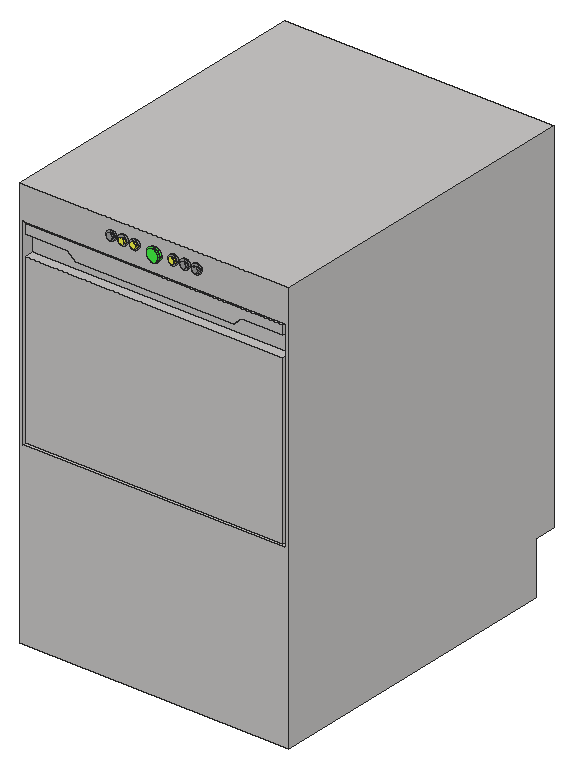
Revit family "QF_ELECTROLUXPROFESSIONAL_402221_ESICWPB", category Specialty Equipment, Revit 2018
Family settings
  Round Connector Dimension = Use Diameter
  Part Type = Normal
  Work Plane-Based = No
  Always vertical = Yes
  Cut with Voids When Loaded = No
  Shared = No
  Room Calculation Point = No
Parameters
  Weight = 37.00 kg
  Watts = 0 W
  Volts = 0 V
  URL Manufacturer = ""
  URL = "http://professional.electrolux.com/"
  Steam Supply Size = 0 mm
  Steam Supply Minimum Pressure = 0.0 Pa
  Steam Supply Maximum Pressure = 0.0 Pa
  Steam Pounds per Hour = 0
  Show Logo [instance] = yes
  Show Clearance [instance] = yes
  Refrigeration Suction Line Size = 0 mm
  Refrigeration Liquid Line Size = 0 mm
  Refrigerant Compressor Remote = yes
  Manufacturer = ""
  Phase = 0
  Model = ""
  Length Actual = 460 mm  # constant formula
  Item Number = ""
  Hot Water Size = 0 mm
  Height Actual = 715 mm  # constant formula
  HP = "4.4 HP"
  Gas Size = 0 mm
  Gas KW = 0
  Gas Input Pressure = 0 W
  Direct Waste Size = 27 mm
  Description = ""
  Depth Actual = 565 mm  # constant formula
  Cycle = 0 Hz
  Condensate Return Size = 0 mm
  Compressed Air Volume = 0.0 L/s
  Compressed Air Size = 0 mm
  Compressed Air Pressure = 0.0 Pa
  Cold Water Size = 0 mm
  Accessory = yes
Types (2, lengths in mm): name | Volts | URL Manufacturer | URL | Manufacturer | Phase | Model | Item Number | Description | Cycle | Cold Water Size
  (no name) | 0 V | "" | "http://professional.electrolux.com/" | "" | 0 | "" | "" | "" | 0 Hz | 0
  Standard | 220 V | "http://professional.electrolux.com" | "http://professional.electrolux.com" | "Electrolux Professional" | 1 | "ESICWPB" | "402221" | "GLASSWASHER(S) DOUBLE SKIN, COLD RINSE, WS, DP, RBP, 30B/H" | 50 Hz | 19.05
Reference planes
  plane 1 "Center (Front/Back)": y = 0
  plane 2: z = 0
  plane 3 "Center (Left/Right)": x = 0
  plane 4 "LEFT": x = -230
  plane 5 "RIGHT": x = 230
  plane 6 "FRONT": y = -282.5
  plane 7 "BACK": y = 282.5
  plane 8: x = -202.5
  plane 9: x = 202.5
  plane 10: z = 715
  plane 11: z = 10
Forms (mm)
  Extrusion 1, solid, material "QF_Finishes_Stainless Steel"
    sketch origin (0, 0, 0) x (1, 0, 0) y (0, 1, 0)
      loop
        line (-230, -282.5) -> (230, -282.5) -> (230, 243.5) -> (-230, 243.5) -> (-230, -282.5)
    from 10 to 715
  Extrusion 2, solid, material "QF_Finishes_Stainless Steel"
    sketch origin (0, 0, 0) x (1, 0, 0) y (0, 1, 0)
      loop
        line (-230, 243.5) -> (230, 243.5) -> (230, 282.5) -> (-230, 282.5) -> (-230, 243.5)
    from 100 to 715
  Extrusion 3, solid, material "QF_Finishes_Stainless Steel"
    sketch origin (0, 0, 0) x (1, 0, 0) y (0, 1, 0)
      loop
        circle (-202.5, 184.5) r 12.5
      loop
        circle (202.5, 184.5) r 12.5
      loop
        circle (-202.5, -235.5) r 12.5
      loop
        circle (202.5, -235.5) r 12.5
    from 0 to 10
  Extrusion 4, void
    sketch origin (-230, -282.5, 0) x (-1, 0, 0) y (0, 0, 1)
      loop
        line (-5, 658.217) -> (-455, 658.217) -> (-455, 315) -> (-5, 315) -> (-5, 658.217)
    from 0 to 30
  Extrusion 5, solid, material "QF_Finishes_Stainless Steel"
    sketch origin (-53, -392, 738) x (0, 0, -1) y (1, 0, 0)
      loop
        circle (693, 213) r 10
    from -635.5 to -674.5
  Extrusion 6, solid, material "QF_Door-Drawer Clearances", visible <- "Show Clearance", detail levels coarse
    sketch origin (-230, -282.5, 0) x (0, 1, 0) y (0, 0, -1)
      loop
        line (0, -315) -> (-315, -315)
        arc (-315, -315) -> (-223.2, -545.869) -> (0, -655) r 344.605
        line (0, -655) -> (0, -315)
    from -10 to -450
  Extrusion 7, solid, material "QF_Finishes_Stainless Steel"
    sketch origin (-242.481, -392, 738) x (0, 0, -1) y (1, 0, 0)
      loop
        circle (663, 322.481) r 8
    from -635.5 to -674.5
  Extrusion 8, solid, material "QF_Finishes_Green"
    sketch origin (234, -282.5, -28.75) x (-1, 0, 0) y (0, 0, -1)
      loop
        circle (234, -714.569) r 10
    from 0 to 5
  Extrusion 9, solid, material "QF_Finishes_Gray"
    sketch origin (234, -282.5, -24.375) x (-1, 0, 0) y (0, 0, -1)
      loop
        circle (306.936, -713.972) r 5
    from 0 to 5
  Extrusion 10, solid, material "QF_Finishes_Stainless Steel"
    sketch origin (-230, -282.5, 0) x (0, 1, 0) y (0, 0, -1)
      loop
        line (0, -319.622) -> (0, -605) -> (15, -605) -> (15, -655) -> (25, -655) -> (25, -319.622) -> (0, -319.622)
    from -10 to -450
  Extrusion 11, solid, material "QF_Finishes_Stainless Steel"
    sketch origin (-230, -282.5, 0) x (0, 1, 0) y (0, 0, -1)
      loop
        line (15, -655) -> (15, -652.514) -> (2.5, -652.514) -> (2.5, -626.25) -> (0, -626.25) -> (0, -655) -> (15, -655)
    from -10 to -450
  Extrusion 12, void
    sketch origin (-230, -282.5, 655) x (0, 0, 1) y (1, 0, 0)
      loop
        line (-15.552, 10) -> (-15.552, 81.607) -> (-28.75, 94.804) -> (-28.75, 10) -> (-15.552, 10)
      loop
        line (-15.552, 450) -> (-28.75, 450) -> (-28.75, 365.196) -> (-15.552, 378.393) -> (-15.552, 450)
    from 0 to 2.5
  Extrusion 13, solid, material "QF_Finishes_Stainless Steel"
    sketch origin (-328, -392, 738) x (0, 0, -1) y (1, 0, 0)
      loop
        circle (663, 228) r 8
    from -635.5 to -674.5
  Extrusion 14, solid, material "QF_Finishes_Green"
    sketch origin (-230, -282.5, 0) x (1, 0, 0) y (0, 0, 1)
      loop
        circle (230, 685.819) r 12
      loop
        circle (230, 685.819) r 10
    from 0 to 2.5
  Extrusion 15, solid, material "QF_Finishes_Gray"
    sketch origin (-210, -282.5, -28.75) x (1, 0, 0) y (0, 0, 1)
      loop
        circle (262.936, 718.347) r 8
      loop
        circle (262.936, 718.347) r 5
      loop
        circle (242.936, 718.347) r 8
      loop
        circle (242.936, 718.347) r 5
      loop
        circle (282.936, 718.347) r 8
      loop
        circle (282.936, 718.347) r 5
    from 0 to 2.5
  Extrusion 16, solid, material "QF_Finishes_Gray"
    sketch origin (-234, -282.5, -24.375) x (1, 0, 0) y (0, 0, 1)
      loop
        circle (286.936, 713.972) r 5
      loop
        circle (306.936, 713.972) r 5
    from 0 to 5
  Extrusion 17, solid, material "QF_Finishes_Gray"
    sketch origin (210, -282.5, -28.75) x (-1, 0, 0) y (0, 0, -1)
      loop
        circle (262.936, -718.347) r 8
      loop
        circle (262.936, -718.347) r 5
      loop
        circle (242.936, -718.347) r 8
      loop
        circle (242.936, -718.347) r 5
      loop
        circle (282.936, -718.347) r 8
      loop
        circle (282.936, -718.347) r 5
    from 0 to 2.5
  Extrusion 18, solid, material "QF_Finishes_Yellow"
    sketch origin (254, -282.5, -24.375) x (-1, 0, 0) y (0, 0, -1)
      loop
        circle (306.936, -713.972) r 5
    from 0 to 5
  Extrusion 19, solid, material "QF_Finishes_Yellow"
    sketch origin (274, -282.5, -24.375) x (-1, 0, 0) y (0, 0, -1)
      loop
        circle (306.936, -713.972) r 5
    from 0 to 5
  Extrusion 20, solid, material "QF_Finishes_Yellow"
    sketch origin (339.871, -282.5, -24.375) x (-1, 0, 0) y (0, 0, -1)
      loop
        circle (306.936, -713.972) r 5
    from 0 to 5
Cuts and joins
  Extrusion 4 cuts Extrusion 1
  joined: Extrusion 1, Extrusion 2
  Extrusion 12 cuts Extrusion 10
  Extrusion 12 cuts Extrusion 11
Lines and regions (mm)
  Split face 1
    outline origin (-230, -282.5, 715) x (0, 0, -1) y (1, 0, 0)
      loop
        line (35, 0) -> (35, 60) -> (49.142, 74.142) -> (49.142, 214.142) -> (11.456, 214.142)
        arc (11.456, 214.142) -> (9.82, 214.82) -> (9.142, 216.456) r 2.314
        line (9.142, 216.456) -> (9.142, 230) -> (9.142, 243.544)
        arc (9.142, 243.544) -> (9.82, 245.18) -> (11.456, 245.858) r 2.314
        line (11.456, 245.858) -> (49.142, 245.858) -> (49.142, 385.858) -> (35, 400) -> (35, 460)
      loop
        line (56.783, 5) -> (56.783, 0)
      loop
        line (56.783, 455) -> (56.783, 460)
  symbolic lines
    curve 1: line (-230, 282.5, 0) -> (230, 282.5, 0)
    curve 2: line (-230, -282.5, 0) -> (-230, 282.5, 0)
    curve 3: line (230, -282.5, 0) -> (-230, -282.5, 0)
    curve 4: line (230, 282.5, 0) -> (230, -282.5, 0)
    curve 9: line (-80.94, -285, 0) -> (-80.94, -282.5, 0)
    curve 10: line (-64.948, -285, 0) -> (-64.948, -282.5, 0)
    curve 11: line (-77.926, -287.5, 0) -> (-67.936, -287.5, 0)
    curve 12: line (-67.936, -287.5, 0) -> (-67.936, -285, 0)
    curve 13: line (-77.926, -287.5, 0) -> (-77.926, -285, 0)
    curve 14: line (-60.936, -285, 0) -> (-44.936, -285, 0)
    curve 15: line (-44.936, -285, 0) -> (-44.936, -282.5, 0)
    curve 16: line (-60.936, -285, 0) -> (-60.936, -282.5, 0)
    curve 17: line (-57.936, -287.5, 0) -> (-47.936, -287.5, 0)
    curve 18: line (-47.936, -287.5, 0) -> (-47.936, -285, 0)
    curve 19: line (-57.936, -287.5, 0) -> (-57.936, -285, 0)
    curve 20: line (-40.936, -285, 0) -> (-24.936, -285, 0)
    curve 21: line (-24.936, -285, 0) -> (-24.936, -282.5, 0)
    curve 22: line (-40.936, -285, 0) -> (-40.936, -282.5, 0)
    curve 23: line (-37.936, -287.5, 0) -> (-27.936, -287.5, 0)
    curve 24: line (-27.936, -287.5, 0) -> (-27.936, -285, 0)
    curve 25: line (-37.936, -287.5, 0) -> (-37.936, -285, 0)
    curve 26: line (24.936, -285, 0) -> (40.936, -285, 0)
    curve 27: line (40.936, -285, 0) -> (40.936, -282.5, 0)
    curve 28: line (27.936, -287.5, 0) -> (37.936, -287.5, 0)
    curve 29: line (37.936, -287.5, 0) -> (37.936, -285, 0)
    curve 30: line (27.936, -287.5, 0) -> (27.936, -285, 0)
    curve 31: line (24.936, -285, 0) -> (24.936, -282.5, 0)
    curve 32: line (-12, -285, 0) -> (12, -285, 0)
    curve 33: line (12, -285, 0) -> (12, -282.5, 0)
    curve 34: line (-12, -285, 0) -> (-12, -282.5, 0)
    curve 35: line (-10, -287.5, 0) -> (10, -287.5, 0)
    curve 36: line (10, -287.5, 0) -> (10, -285, 0)
    curve 37: line (-10, -287.5, 0) -> (-10, -285, 0)
    curve 39: line (44.936, -285, 0) -> (60.936, -285, 0)
    curve 40: line (60.936, -285, 0) -> (60.936, -282.5, 0)
    curve 41: line (47.936, -287.5, 0) -> (57.936, -287.5, 0)
    curve 42: line (57.936, -287.5, 0) -> (57.936, -285, 0)
    curve 43: line (47.936, -287.5, 0) -> (47.936, -285, 0)
    curve 44: line (44.936, -285, 0) -> (44.936, -282.5, 0)
    curve 45: line (64.936, -285, 0) -> (80.936, -285, 0)
    curve 46: line (80.936, -285, 0) -> (80.936, -282.5, 0)
    curve 47: line (67.936, -287.5, 0) -> (77.936, -287.5, 0)
    curve 48: line (77.936, -287.5, 0) -> (77.936, -285, 0)
    curve 49: line (67.936, -287.5, 0) -> (67.936, -285, 0)
    curve 50: line (64.936, -285, 0) -> (64.936, -282.5, 0)
  symbolic lines, style "QF_Door-Drawer Clearances"
    curve 5: line (-220, -597.5, 0) -> (220, -597.5, 0)
    curve 6: line (220, -597.5, 0) -> (220, -282.5, 0)
    curve 7: line (-220, -597.5, 0) -> (-220, -282.5, 0)
  symbolic lines, style "SpecialityEquipment"
    curve 8: line (-80.94, -285, 0) -> (-64.948, -285, 0)
  symbolic lines, style "SpecialityEquipmentHiddenLines"
    curve 38: line (-230, 243.5, 0) -> (230, 243.5, 0)
Dimensions and locks
  equal spacing: plane 4 "LEFT", plane 3 "Center (Left/Right)", plane 5 "RIGHT"
  equal spacing: plane 7 "BACK", plane 1 "Center (Front/Back)", plane 6 "FRONT"
  plane 7 "BACK" to plane 6 "FRONT" = 565 mm
  plane 4 "LEFT" to plane 5 "RIGHT" = 460 mm
  plane 4 "LEFT" to plane 8 = 27.5 mm
  plane 9 to plane 5 "RIGHT" = 27.5 mm
  locked: plane 11 to level at 10
  plane 4 "LEFT" to plane 3 "Center (Left/Right)" = 230 mm
  plane 10 to level = 715 mm  (x2)
  plane 8 to plane 9 = 405 mm
  level to Extrusion 13 sketch curve = 75 mm
  Extrusion 13 sketch curve to plane 4 "LEFT" = 130 mm
  level to Extrusion 5 sketch curve = 45 mm
  Extrusion 5 sketch curve to plane 4 "LEFT" = 390 mm
  Extrusion 7 sketch curve to plane 4 "LEFT" = 310 mm
  level to Extrusion 7 sketch curve = 75 mm
  locked: Extrusion 3 to cut or joined group of Extrusion 1, Extrusion 2, Extrusion 4 at 98
  Extrusion 3 to Extrusion 3 = 420 mm
  locked: plane 6 "FRONT" to Extrusion 3 at 47
  plane 9 to plane 8 = 405 mm
  plane 7 "BACK" to curve 5 = 880 mm
  cut or joined group of Extrusion 10, Extrusion 12 to cut or joined group of Extrusion 1, Extrusion 2, Extrusion 4 = 290 mm
  aligned and locked: level to plane 2
  aligned and locked: Extrusion 1 sketch curve to plane 6 "FRONT"
  aligned and locked: Extrusion 1 sketch curve to plane 4 "LEFT"
  aligned and locked: plane 5 "RIGHT" to Extrusion 1 sketch curve
  aligned and locked: Extrusion 1 to plane 11
  aligned and locked: Extrusion 2 sketch curve to Extrusion 1  (x2)
  aligned and locked: plane 7 "BACK" to Extrusion 2 sketch curve
  aligned and locked: plane 5 "RIGHT" to Extrusion 2 sketch curve
  aligned and locked: plane 11 to Extrusion 3
  aligned and locked: Extrusion 2 to Extrusion 5
  aligned and locked: Extrusion 2 to Extrusion 7
  aligned and locked: plane 7 "BACK" to Extrusion 7
  aligned and locked: plane 7 "BACK" to Extrusion 5
  aligned and locked: cut or joined group of Extrusion 11, Extrusion 12 to Extrusion 12
  aligned and locked: plane 10 to Extrusion 2
Automatic sketch dimensions
  curve 1 to plane 4 "LEFT" = 0 mm
  curve 7 to plane 6 "FRONT" = 0 mm
  curve 4 to plane 5 "RIGHT" = 0 mm
  curve 2 to plane 7 "BACK" = 0 mm
  plane 4 "LEFT" to curve 5 = 10 mm
  curve 8 to plane 6 "FRONT" = 2.5 mm
  curve 8 to plane 3 "Center (Left/Right)" = 80.94 mm
  curve 8 to curve 11 = 3.013 mm
  curve 11 to curve 11 = 9.991 mm
  curve 12 to curve 10 = 2.987 mm
  curve 8 to curve 16 = 4.013 mm
  curve 14 to curve 19 = 3 mm
  curve 17 to plane 6 "FRONT" = 5 mm
  curve 17 to curve 17 = 10 mm
  curve 18 to curve 14 = 3 mm
  curve 14 to curve 20 = 4 mm
  curve 20 to curve 25 = 3 mm
  curve 24 to plane 6 "FRONT" = 5 mm
  curve 23 to curve 24 = 10 mm
  curve 24 to curve 21 = 3 mm
  curve 34 to plane 6 "FRONT" = 2.5 mm
  curve 34 to plane 3 "Center (Left/Right)" = 12 mm
  curve 32 to curve 37 = 2 mm
  plane 3 "Center (Left/Right)" to curve 36 = 10 mm
  curve 36 to curve 33 = 2 mm
  curve 26 to plane 6 "FRONT" = 2.5 mm
  curve 32 to curve 26 = 12.936 mm
  curve 26 to curve 30 = 3 mm
  curve 28 to plane 6 "FRONT" = 5 mm
  curve 28 to curve 28 = 10 mm
  curve 29 to curve 27 = 3 mm
  curve 26 to curve 44 = 4 mm
  curve 39 to curve 43 = 3 mm
  curve 41 to plane 6 "FRONT" = 5 mm
  curve 41 to curve 41 = 10 mm
  curve 42 to curve 39 = 3 mm
  curve 39 to curve 50 = 4 mm
  curve 45 to curve 47 = 3 mm
  curve 47 to plane 6 "FRONT" = 5 mm
  curve 47 to curve 47 = 10 mm
  curve 48 to curve 45 = 3 mm
  curve 6 to plane 5 "RIGHT" = 10 mm
  curve 35 to curve 36 = 2.5 mm
  curve 11 to curve 13 = 2.5 mm
  curve 15 to plane 6 "FRONT" = 2.5 mm
  curve 20 to plane 6 "FRONT" = 2.5 mm
  curve 40 to plane 6 "FRONT" = 2.5 mm
  curve 45 to plane 6 "FRONT" = 2.5 mm
  curve 38 to plane 7 "BACK" = 39 mm
  Extrusion 1 sketch curve to plane 7 "BACK" = 39 mm
  Extrusion 3 sketch curve to plane 8 = 0 mm  (x2)
  Extrusion 3 sketch curve to plane 9 = 0 mm  (x2)
  plane 6 "FRONT" to Extrusion 3 sketch curve = 47 mm  (x2)
  Extrusion 3 sketch curve to plane 7 "BACK" = 98 mm  (x2)
  Extrusion 4 sketch curve to Extrusion 1 = 5 mm  (x2)
  Extrusion 4 sketch curve to Extrusion 1 = 305 mm
  Extrusion 4 sketch curve to Extrusion 1 = 56.783 mm
  Extrusion 6 sketch curve to plane 6 "FRONT" = 0 mm
  Extrusion 6 sketch curve to plane 6 "FRONT" = 315 mm
  plane 6 "FRONT" to Extrusion 6 sketch curve = 29.589 mm
  Extrusion 6 sketch curve to plane 10 = 60 mm
  plane 11 to Extrusion 6 sketch curve = 305 mm
  Extrusion 8 sketch curve to Extrusion 8 sketch curve = 0 mm  (x2)
  Extrusion 8 sketch curve to plane 3 "Center (Left/Right)" = 0 mm
  Extrusion 8 sketch curve to plane 10 = 29.181 mm
  plane 3 "Center (Left/Right)" to Extrusion 8 sketch curve = 10 mm
  Extrusion 9 sketch curve to Extrusion 9 sketch curve = 0 mm  (x2)
  Extrusion 9 sketch curve to plane 10 = 25.403 mm
  Extrusion 9 sketch curve to plane 3 "Center (Left/Right)" = 72.936 mm
  Extrusion 9 sketch curve to Extrusion 9 sketch curve = 5 mm
  Extrusion 10 sketch curve to plane 6 "FRONT" = 0 mm
  plane 6 "FRONT" to Extrusion 10 sketch curve = 15 mm
  Extrusion 10 sketch curve to Extrusion 10 sketch curve = 25 mm
  Extrusion 10 sketch curve to plane 10 = 60 mm
  Extrusion 10 sketch curve to Extrusion 10 sketch curve = 50 mm
  Extrusion 10 sketch curve to Extrusion 10 sketch curve = 285.378 mm
  Extrusion 11 sketch curve to plane 6 "FRONT" = 0 mm
  Extrusion 11 sketch curve to Extrusion 11 sketch curve = 2.5 mm
  Extrusion 11 sketch curve to Extrusion 11 sketch curve = 12.5 mm
  Extrusion 11 sketch curve to plane 10 = 60 mm
  Extrusion 11 sketch curve to Extrusion 11 sketch curve = 2.486 mm
  Extrusion 11 sketch curve to Extrusion 11 sketch curve = 26.264 mm
  Extrusion 12 sketch curve to Extrusion 11 = 0 mm  (x3)
  Extrusion 11 to Extrusion 12 sketch curve = 0 mm
  Extrusion 12 sketch curve to Extrusion 11 = 13.198 mm  (x2)
  Extrusion 12 sketch curve to Extrusion 11 = 71.607 mm
  Extrusion 12 sketch curve to Extrusion 12 sketch curve = 13.198 mm  (x2)
  Extrusion 12 sketch curve to Extrusion 11 = 84.804 mm
  Extrusion 14 sketch curve to Extrusion 14 sketch curve = 0 mm  (x2)
  Extrusion 1 to Extrusion 14 sketch curve = 29.181 mm
  Extrusion 1 to Extrusion 14 sketch curve = 230 mm
  Extrusion 15 sketch curve to Extrusion 15 sketch curve = 0 mm  (x8)
  plane 3 "Center (Left/Right)" to Extrusion 15 sketch curve = 32.936 mm
  Extrusion 15 sketch curve to Extrusion 15 sketch curve = 20 mm  (x2)
  Extrusion 15 sketch curve to plane 10 = 25.403 mm
  Extrusion 16 sketch curve to Extrusion 16 sketch curve = 0 mm  (x5)
  Extrusion 16 sketch curve to plane 10 = 25.403 mm
  plane 3 "Center (Left/Right)" to Extrusion 16 sketch curve = 52.936 mm
  Extrusion 16 sketch curve to Extrusion 16 sketch curve = 20 mm
  Extrusion 16 sketch curve to Extrusion 16 sketch curve = 5 mm  (x2)
  Split face 1 sketch curve to cut or joined group of Extrusion 1, Extrusion 2, Extrusion 4 = 0 mm  (x6)
  cut or joined group of Extrusion 1, Extrusion 2, Extrusion 4 to Split face 1 sketch curve = 0 mm  (x2)
  cut or joined group of Extrusion 1, Extrusion 2, Extrusion 4 to Split face 1 sketch curve = 7.641 mm  (x2)
  Split face 1 sketch curve to Split face 1 sketch curve = 14.142 mm  (x4)
  Split face 1 sketch curve to cut or joined group of Extrusion 1, Extrusion 2, Extrusion 4 = 11.456 mm  (x2)
  Split face 1 sketch curve to cut or joined group of Extrusion 1, Extrusion 2, Extrusion 4 = 9.142 mm
  Split face 1 sketch curve to cut or joined group of Extrusion 1, Extrusion 2, Extrusion 4 = 55 mm
  Split face 1 sketch curve to Split face 1 sketch curve = 140 mm
  Split face 1 sketch curve to Split face 1 sketch curve = 13.544 mm  (x2)
  Split face 1 sketch curve to cut or joined group of Extrusion 1, Extrusion 2, Extrusion 4 = 69.142 mm
  Extrusion 17 sketch curve to Extrusion 17 sketch curve = 0 mm  (x8)
  Extrusion 17 sketch curve to plane 3 "Center (Left/Right)" = 32.936 mm
  Extrusion 17 sketch curve to Extrusion 17 sketch curve = 20 mm  (x2)
  Extrusion 17 sketch curve to plane 10 = 25.403 mm
  Extrusion 18 sketch curve to Extrusion 18 sketch curve = 0 mm  (x2)
  Extrusion 18 sketch curve to plane 10 = 25.403 mm
  Extrusion 18 sketch curve to plane 3 "Center (Left/Right)" = 52.936 mm
  Extrusion 18 sketch curve to Extrusion 18 sketch curve = 5 mm
  Extrusion 19 sketch curve to Extrusion 19 sketch curve = 0 mm  (x2)
  Extrusion 19 sketch curve to plane 3 "Center (Left/Right)" = 32.936 mm
  Extrusion 19 sketch curve to plane 10 = 25.403 mm
  Extrusion 19 sketch curve to Extrusion 19 sketch curve = 5 mm
  Extrusion 20 sketch curve to Extrusion 20 sketch curve = 0 mm  (x2)
  plane 3 "Center (Left/Right)" to Extrusion 20 sketch curve = 32.936 mm
  Extrusion 20 sketch curve to plane 10 = 25.403 mm
  Extrusion 20 sketch curve to Extrusion 20 sketch curve = 5 mm
  radius of Extrusion 5 sketch curve = 10 mm
  radius of Extrusion 7 sketch curve = 8 mm
  radius of Extrusion 13 sketch curve = 8 mm
  radius of Extrusion 3 sketch curve = 12.5 mm  (x4)
  radius of Extrusion 14 sketch curve = 12 mm
  radius of Extrusion 14 sketch curve = 10 mm
  radius of Extrusion 15 sketch curve = 8 mm  (x3)
  radius of Extrusion 15 sketch curve = 5 mm  (x3)
  radius of Extrusion 17 sketch curve = 8 mm  (x3)
  radius of Extrusion 17 sketch curve = 5 mm  (x3)
Connectors
  piping at (160, 282.5, 45), diameter 20
    settings: on Extrusion 5, index 1, connector inside diameter 609.6 mm, connector length 0 mm, flow factor 0, pipe flow 0.0 L/s, pressure drop 0.0 Pa, fitting loss kfactor 0, connector angle 0.00°, fixture units 0, engagement length 0 mm, angle of deflection 0.00°, flow configuration 1, flow direction 1, fitting loss method 0, system type 16, joint type 0, gender type 0, connector reference index -1, connector utility 0, adjustable connector no, is connector primary yes, connector description "Drain"
  piping at (80, 282.5, 75), driven by "Cold Water Size"
    settings: on Extrusion 7, index 3, connector diameter 0 mm, connector inside diameter 609.6 mm, connector length 0 mm, flow factor 0, pipe flow 0.0 L/s, pressure drop 0.0 Pa, fitting loss kfactor 0, connector angle 0.00°, fixture units 0, engagement length 0 mm, angle of deflection 0.00°, flow configuration 1, flow direction 1, fitting loss method 0, system type 20, joint type 0, gender type 0, connector reference index -1, connector utility 0, adjustable connector no, is connector primary no, connector description "Cold Water Inlet"
  electrical at (-100, 282.5, 75), driven by "Volts"
    settings: on Extrusion 13, index 4, voltage 0 V, apparent load 0 VA, apparent load phase1 0 VA, apparent load phase2 0 VA, apparent load phase3 0 VA, power factor 1, load classification "Altro", number of poles 1, system type 31, power factor state 1, is connector primary yes, connector utility no, sub classification motor no, connector description "Electrical Connection"
